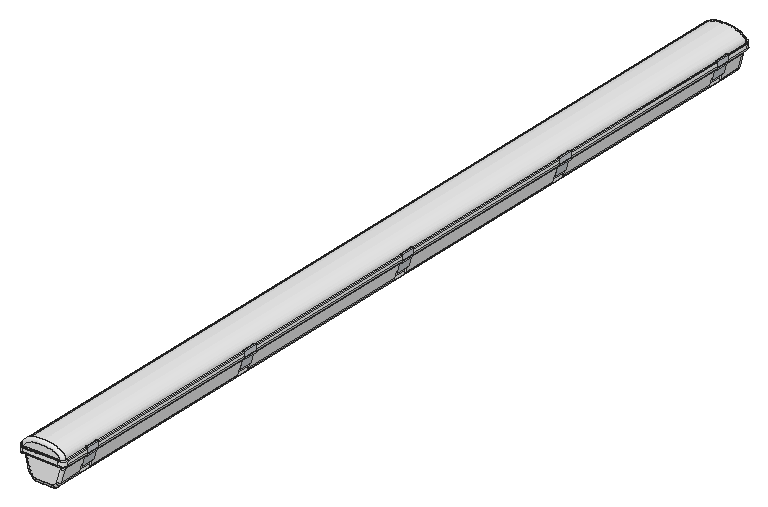
Revit family "0048798 Feilo Sylvania Lighting Fixture HYDROPROOF LED G3 1500MM S 4K D MW", category Lighting Fixtures, host Face, Revit 2016
Family settings
  Host = Face
  Part Type = Normal
  Round Connector Dimension = Use Diameter
  OmniClass Number = 23.80.70.11.14
  OmniClass Title = General Luminaries, Directional
  Cut with Voids When Loaded = No
  Light Source = Yes
  Shared = No
  Room Calculation Point = No
Parameters (values of type "0048798 HYDROPROOF LED G3 1500MM S 4K D MW")
  Width = 84 mm
  Weight = "2.34 kg"
  Wattage Comments = "n/a"
  Wattage = 32 W
  WarrantyStartDate [instance] = "n/a"
  WarrantyGuarantorParts = "n/a"
  WarrantyDurationUnit = "n/a"
  WarrantyDurationParts = "n/a"
  WarrantyDescription = "n/a"
  built-in parameter 1150110 = 1 (stored number, unit not read)
  Voltage = 230 V
  URL = "http://www.sylvania-lighting.com"
  TypeName = "HYDROPROOF LED G3 1500MM S 4K D MW"
  Type Image = <None>
  Type Comments = "n/a"
  built-in parameter 1114217 = 1 (stored number, unit not read)
  Tilt Angle = -90.00°
  built-in parameter 1150109 = 1 (stored number, unit not read)
  built-in parameter 1150134 = 12
  built-in parameter 1150113 = 1 (stored number, unit not read)
  SerialNumber [instance] = "n/a"
  ReflectorMaterial = none
  PowerFactor = 0
  PowerConsumption = "32 W"
  Photometric Web File = "0048798.ies"
  NominalWidth = 0 mm
  NominalLength = 1578 mm
  NominalHeight = 75 mm
  Name = "HYDROPROOF LED G3 1500MM S 4K D MW"
  ModelReference = "HYDROPROOF LED G3 1500MM S 4K D MW"
  ModelNumber = "0048798"
  Model = "HYDROPROOF LED G3 1500MM S 4K D MW"
  Material = "grp housing, pmma diffuser"
  ManufacturerName = "Feilo Sylvania"
  Manufacturer = "Feilo Sylvania"
  LuminousEfficacy = "155 lm/W"
  built-in parameter 1150105 = 394.7 (stored number, unit not read)
  Lumens = 4960 lm
  LuminaireType = ""
  built-in parameter 1150115 = 1 (stored number, unit not read)
  LightOutputRatio = "n/a"
  built-in parameter 1150137 = (empty or 0)
  built-in parameter 1150139 = (empty or 0)
  Length = 1572 mm
  LampsType = Lamp  # "LED"
  LampNominalLuminous = "4950 lm"
  LampMacAdamStep = "3"
  LampColourTemperature = "4000 K"
  LampColourRenderingIndex = "80"
  built-in parameter 1150112 = 1 (stored number, unit not read)
  built-in parameter 1150114 = 1 (stored number, unit not read)
  Lamp = "LED"
  Keynote = "16500"
  InstallationDate [instance] = "n/a"
  InputVoltage = "220-240V~"
  InputNominalFrequency = "DC/50/60 Hz"
  built-in parameter 1150132 = (empty or 0)
  built-in parameter 1150102 = (empty or 0)
  built-in parameter 1150107 = 4000 (stored number, unit not read)
  built-in parameter 1150138 = (empty or 0)
  IngressProtection = "IP65"
  ImpactProtectionIndex = "IK02"
  built-in parameter 1150106 = 3.947 (stored number, unit not read)
  IfcExportType = "IfcLightFixtureType"
  IfcExportAs = "IfcLightFixtureType"
  ExpectedLife = 50000
  Emit from Rectangle Width = Width - 20 mm  # 64 mm
  Emit from Rectangle Length = Length - 20 mm  # 1552 mm
  Emit Shape Visible in Rendering = no
  ElectricShockClassification = "Class I"
  built-in parameter 1150104 = 14.4 (stored number, unit not read)
  DurationUnit = "hours"
  DocumentationLiterature = "http://www.sylvania-lighting.com/product/en-int/products/0048798"
  DimmingControlOptions = "Dimmable"
  Dimming Lamp Color Temperature Shift = <None>
  DiffuserMaterial = Diffuser-Sylvania-Transparent
  Description = "Hydroproof, integrated LED chemical resistant weatherproof luminaire, with UV stabilized flat diffuser and linear prisms designed to achieve uniform lit appearance, optimise light output and to reduce glare, stainless steel diffuser clips and fixing brackets for surface and wall mounting. L 1578 mm x W 84 mm x H 75 mm size, GRP housing, PMMA diffuser, DALI dimmable, with MW sensor, 4000K, CRI80,  4950 lm, 32 W, 155 lm/W, nominal average life (h):50000, energy class: A++ A+ A Class I,IK02, IP65."
  Default Elevation = 1219.2 mm
  CreatedOn = "3/27/2018"
  CreatedBy = "aron.fodor@feilosylvania.com"
  Cost = 0
  Color Filter = 16777215
  built-in parameter 1114216 [instance] = (empty or 0)
  ClassificationValue = "EF_70_80"
  ClassificationName = "Uniclass2015"
  BodyMaterial = Body-Sylvania-Gray
  BarCode [instance] = "n/a"
  built-in parameter 1114218 = 1 (stored number, unit not read)
  built-in parameter 1150133 = 10 (stored number, unit not read)
  AssetType = "Fixed"
  AssetIdentifier [instance] = "n/a"
  Assembly Code = "D5020200"
  Apparent Load = 32 VA
  AccessoryMaterial = Diffuser-Sylvania-Glow
Reference planes
  plane 1 "Center (Front/Back)": y = 0
  plane 2: z = 0
  plane 3 "Center (Left/Right)": x = 0
  plane 4: z = 54
  plane 5: x = -14.7
  plane 6: x = -21.8
  plane 7: x = -26.6
  plane 8: x = -29.2
  plane 9: z = 3
  plane 10: z = 7.8
  plane 11: z = 12.3
  plane 12: z = 36.6
  plane 13: z = 42.8
  plane 14: x = -38.1
  plane 15: z = 46.2
  plane 16: x = -42
  plane 17: y = 786
  plane 18: y = -786
  plane 19: x = 14.7
  plane 20: x = 21.8
  plane 21: x = 26.6
  plane 22: x = 29.2
  plane 23: x = 38.1
  plane 24: x = 42
  plane 25: y = 778.4
  plane 26: y = -778.4
  plane 27: y = -774.7
  plane 28: y = 774.7
  plane 29: z = 74
  plane 30: x = -38.5
  plane 31: x = 38.5
  plane 32: z = 55.2
  plane 33: y = -782.5
  plane 34: y = 782.5
  plane 35: x = -24.5
  plane 36: x = 24.5
  plane 37: x = -35.7
  plane 38: x = 35.7
  plane 39: z = 50.2
  plane 40: z = 24.6
  plane 41: y = -720
  plane 42: y = -734
  plane 43: y = -706
  plane 44: y = 720
  plane 45: y = -720
  plane 46: y = -734
  plane 47: y = -706
  plane 48: y = 720
  plane 49: y = 706
  plane 50: y = 734
  plane 51: y = -360
  plane 52: y = -374
  plane 53: y = -346
  plane 54: y = 0
  plane 55: y = -14
  plane 56: y = 14
  plane 57: y = 360
  plane 58: y = 346
  plane 59: y = 374
Forms (mm)
  Sweep 1, solid, material "Body-Sylvania-Gray" <- "BodyMaterial", detail levels medium+fine
    path origin (1223.4, -4572, 54) x (0, -1, 0) y (1, 0, 0)
      loop
        arc (-3796, -1265.4) -> (-3788.929, -1262.471) -> (-3786, -1255.4) r 10
        line (-3786, -1255.4) -> (-3786, -1191.4)
        arc (-3786, -1191.4) -> (-3788.929, -1184.329) -> (-3796, -1181.4) r 10
        line (-3796, -1181.4) -> (-5348, -1181.4)
        arc (-5348, -1181.4) -> (-5355.071, -1184.329) -> (-5358, -1191.4) r 10
        line (-5358, -1191.4) -> (-5358, -1255.4)
        arc (-5358, -1255.4) -> (-5355.071, -1262.471) -> (-5348, -1265.4) r 10
        line (-5348, -1265.4) -> (-3796, -1265.4)
    profile origin (-42, 0, 54) x (-1, 0, 0) y (0, 0, 1)
      loop
        line (0, 0) -> (-1, 0) -> (-1, -7.726)
        arc (-1, -7.726) -> (-1.994, -9.498) -> (-3.9, -10.2) r 2.937
        line (-3.9, -10.2) -> (-8.571, -10.2) -> (-8.571, -11.2) -> (-3.9, -11.2)
        arc (-3.9, -11.2) -> (-1.313, -10.231) -> (0, -7.8) r 3.937
        line (0, -7.8) -> (0, 0)
  Sweep 2, solid, material "Body-Sylvania-Gray" <- "BodyMaterial", detail levels medium+fine
    path origin (0, 0, 0) x (1, 0, 0) y (0, 0, 1)
      loop
        line (35.7, 42.8) -> (35.7, 36.6) -> (29.203, 12.31)
        arc (29.203, 12.31) -> (28.199, 9.884) -> (26.6, 7.8) r 10.052
        line (26.6, 7.8) -> (21.8, 3)
        arc (21.8, 3) -> (18.554, 0.781) -> (14.7, 0) r 9.902
        line (14.7, 0) -> (0, 0) -> (-14.7, 0)
        arc (-14.7, 0) -> (-18.554, 0.781) -> (-21.8, 3) r 9.902
        line (-21.8, 3) -> (-26.6, 7.8)
        arc (-26.6, 7.8) -> (-28.199, 9.884) -> (-29.203, 12.31) r 10.052
        line (-29.203, 12.31) -> (-35.7, 36.6) -> (-35.7, 42.8)
    profile origin (0, 0, 0) x (0, 0, -1) y (0, -1, 0)
      loop
        arc (0, 773.4) -> (-1.464, 776.936) -> (-5, 778.4) r 5
        line (-5, 778.4) -> (-7.8, 778.4) -> (-7.8, -778.4) -> (-5, -778.4)
        arc (-5, -778.4) -> (-1.464, -776.936) -> (0, -773.4) r 5
        line (0, -773.4) -> (0, 773.4)
  Extrusion 3, solid, material "Body-Sylvania-Gray" <- "BodyMaterial", detail levels medium+fine
    sketch origin (1524, 778.4, 1219.2) x (1, 0, 0) y (0, 0, 1)
      loop
        arc (-1545.668, -1204.874) -> (-1545.443, -1205.418) -> (-1545.085, -1205.885) r 2.252
        line (-1545.085, -1205.885) -> (-1540.231, -1210.738)
        arc (-1540.231, -1210.738) -> (-1539.534, -1211.227) -> (-1538.7, -1211.4) r 2.102
        line (-1538.7, -1211.4) -> (-1509.3, -1211.4)
        arc (-1509.3, -1211.4) -> (-1508.466, -1211.227) -> (-1507.769, -1210.738) r 2.102
        line (-1507.769, -1210.738) -> (-1502.915, -1205.885)
        arc (-1502.915, -1205.885) -> (-1502.557, -1205.418) -> (-1502.332, -1204.874) r 2.252
        line (-1502.332, -1204.874) -> (-1496.1, -1181.575) -> (-1496.1, -1176.4) -> (-1551.9, -1176.4) -> (-1551.9, -1181.575) -> (-1545.668, -1204.874)
    from 0 to 1556.8
  Sweep 4, solid, material "Diffuser-Sylvania-Transparent" <- "DiffuserMaterial", detail levels medium+fine
    path origin (0, 0, 0) x (1, 0, 0) y (0, 0, 1)
      loop
        spline (-38.5, 55.2) -> (-37.188, 60.066) -> (-33.342, 64.6) -> (-27.224, 68.494) -> (-19.25, 71.481) -> (-9.965, 73.359) -> (0, 74) -> (9.965, 73.359) -> (19.25, 71.481) -> (27.224, 68.494) -> (33.342, 64.6) -> (37.188, 60.066) -> (38.5, 55.2)
    profile origin (38.5, 0, 55.2) x (0, -1, 0) y (1, 0, 0)
      loop
        arc (782.5, -5.5) -> (780.889, -1.611) -> (777, 0) r 5.5
        line (777, 0) -> (-777, 0)
        arc (-777, 0) -> (-780.889, -1.611) -> (-782.5, -5.5) r 5.5
        line (-782.5, -5.5) -> (-782.5, -6.3) -> (-781.5, -6.3) -> (-781.5, -5.5)
        arc (-781.5, -5.5) -> (-780.182, -2.318) -> (-777, -1) r 4.5
        line (-777, -1) -> (777, -1)
        arc (777, -1) -> (780.182, -2.318) -> (781.5, -5.5) r 4.5
        line (781.5, -5.5) -> (781.5, -6.347) -> (782.5, -6.347) -> (782.5, -5.5)
  Extrusion 5, solid, material "Diffuser-Sylvania-Transparent" <- "DiffuserMaterial", detail levels medium+fine
    sketch origin (1524, -782.5, 1219.2) x (1, 0, 0) y (0, 0, 1)
      loop
        line (-1556.653, -1164) -> (-1491.347, -1164)
        spline (-1491.347, -1164) -> (-1491.939, -1161.945) -> (-1494.434, -1159.066) -> (-1499.342, -1155.96) -> (-1506.338, -1153.35) -> (-1514.799, -1151.648) -> (-1524, -1151.047) -> (-1533.201, -1151.648) -> (-1541.662, -1153.35) -> (-1548.658, -1155.96) -> (-1553.566, -1159.066) -> (-1556.061, -1161.945) -> (-1556.653, -1164)
    from 0 to -1
  Extrusion 6, solid, material "Diffuser-Sylvania-Transparent" <- "DiffuserMaterial", detail levels medium+fine
    sketch origin (1524, 782.5, 1219.2) x (1, 0, 0) y (0, 0, 1)
      loop
        spline (-1491.3, -1164) -> (-1491.898, -1161.922) -> (-1494.404, -1159.03) -> (-1499.322, -1155.918) -> (-1506.325, -1153.305) -> (-1514.793, -1151.602) -> (-1524, -1151) -> (-1533.207, -1151.602) -> (-1541.675, -1153.305) -> (-1548.678, -1155.918) -> (-1553.596, -1159.03) -> (-1556.102, -1161.922) -> (-1556.7, -1164)
        line (-1556.7, -1164) -> (-1491.3, -1164)
    from 0 to 1
  Extrusion 7, solid, material "Diffuser-Sylvania-Glow" <- "AccessoryMaterial", detail levels fine
    sketch origin (0, 0, 0) x (1, 0, 0) y (0, 0, 1)
      loop
        circle (0, 50.2) r 8
    from -774.7 to 774.7
  Extrusion 8, void
    sketch origin (0, -720, 2343.807) x (0, 0, -1) y (-1, 0, 0)
      loop
        line (2340.807, -24.5) -> (2331.507, -24.5) -> (2319.207, -29.2) -> (2319.207, -35.7) -> (2340.807, -35.7) -> (2340.807, -24.5)
      loop
        line (2340.807, 24.5) -> (2340.807, 35.7) -> (2319.207, 35.7) -> (2319.207, 29.2) -> (2331.507, 24.5) -> (2340.807, 24.5)
    from 14 to -14
  Extrusion 9, void, not visible
    sketch origin (0, -720, 2343.807) x (0, 0, -1) y (-1, 0, 0)
      loop
        line (2340.807, -24.5) -> (2331.507, -24.5) -> (2319.207, -29.2) -> (2319.207, -35.7) -> (2340.807, -35.7) -> (2340.807, -24.5)
      loop
        line (2340.807, 24.5) -> (2340.807, 35.7) -> (2319.207, 35.7) -> (2319.207, 29.2) -> (2331.507, 24.5) -> (2340.807, 24.5)
    from 14 to -14
  Extrusion 10, void
    sketch origin (0, 720, 2343.807) x (0, 0, -1) y (-1, 0, 0)
      loop
        line (2340.807, -24.5) -> (2331.507, -24.5) -> (2319.207, -29.2) -> (2319.207, -35.7) -> (2340.807, -35.7) -> (2340.807, -24.5)
      loop
        line (2340.807, 24.5) -> (2340.807, 35.7) -> (2319.207, 35.7) -> (2319.207, 29.2) -> (2331.507, 24.5) -> (2340.807, 24.5)
    from 14 to -14
  Extrusion 11, void
    sketch origin (0, -360, 2343.807) x (0, 0, -1) y (-1, 0, 0)
      loop
        line (2340.807, -24.5) -> (2331.507, -24.5) -> (2319.207, -29.2) -> (2319.207, -35.7) -> (2340.807, -35.7) -> (2340.807, -24.5)
      loop
        line (2340.807, 24.5) -> (2340.807, 35.7) -> (2319.207, 35.7) -> (2319.207, 29.2) -> (2331.507, 24.5) -> (2340.807, 24.5)
    from 14 to -14
  Extrusion 12, void
    sketch origin (0, 0, 2343.807) x (0, 0, -1) y (-1, 0, 0)
      loop
        line (2340.807, -24.5) -> (2331.507, -24.5) -> (2319.207, -29.2) -> (2319.207, -35.7) -> (2340.807, -35.7) -> (2340.807, -24.5)
      loop
        line (2340.807, 24.5) -> (2340.807, 35.7) -> (2319.207, 35.7) -> (2319.207, 29.2) -> (2331.507, 24.5) -> (2340.807, 24.5)
    from 14 to -14
  Extrusion 13, void
    sketch origin (0, 360, 2343.807) x (0, 0, -1) y (-1, 0, 0)
      loop
        line (2340.807, -24.5) -> (2331.507, -24.5) -> (2319.207, -29.2) -> (2319.207, -35.7) -> (2340.807, -35.7) -> (2340.807, -24.5)
      loop
        line (2340.807, 24.5) -> (2340.807, 35.7) -> (2319.207, 35.7) -> (2319.207, 29.2) -> (2331.507, 24.5) -> (2340.807, 24.5)
    from 14 to -14
  Extrusion 14, solid, material "Diffuser-Sylvania-Transparent" <- "DiffuserMaterial", detail levels medium+fine
    sketch origin (1223.4, -4572, 54) x (0, -1, 0) y (-1, 0, 0)
      loop
        arc (-5348, 1265.4) -> (-5355.071, 1262.471) -> (-5358, 1255.4) r 10
        line (-5358, 1255.4) -> (-5358, 1191.4)
        arc (-5358, 1191.4) -> (-5355.071, 1184.329) -> (-5348, 1181.4) r 10
        line (-5348, 1181.4) -> (-3796, 1181.4)
        arc (-3796, 1181.4) -> (-3788.929, 1184.329) -> (-3786, 1191.4) r 10
        line (-3786, 1191.4) -> (-3786, 1255.4)
        arc (-3786, 1255.4) -> (-3788.929, 1262.471) -> (-3796, 1265.4) r 10
        line (-3796, 1265.4) -> (-5348, 1265.4)
      loop
        arc (-5354.5, 1190.394) -> (-5352.887, 1186.509) -> (-5349, 1184.9) r 5.5
        line (-5349, 1184.9) -> (-3795, 1184.9)
        arc (-3795, 1184.9) -> (-3791.113, 1186.509) -> (-3789.5, 1190.394) r 5.5
        line (-3789.5, 1190.394) -> (-3789.5, 1256.406)
        arc (-3789.5, 1256.406) -> (-3791.113, 1260.291) -> (-3795, 1261.9) r 5.5
        line (-3795, 1261.9) -> (-5349, 1261.9)
        arc (-5349, 1261.9) -> (-5352.887, 1260.291) -> (-5354.5, 1256.406) r 5.5
        line (-5354.5, 1256.406) -> (-5354.5, 1190.394)
    from 0 to -1.2
  Extrusion 15, solid, material "Body-Sylvania-Gray" <- "BodyMaterial", detail levels coarse
    sketch origin (0, 0, 0) x (1, 0, 0) y (0, 0, 1)
      loop
        line (-42, 55.2) -> (-42, 42.8) -> (-26.6, 0) -> (26.6, 0) -> (42, 42.8) -> (42, 55.2) -> (-42, 55.2)
    from -786 to 786
  Extrusion 16, solid, material "Diffuser-Sylvania-Transparent" <- "DiffuserMaterial", detail levels coarse
    sketch origin (0, 0, 0) x (1, 0, 0) y (0, 0, 1)
      loop
        line (-38.5, 55.2) -> (38.5, 55.2)
        arc (38.5, 55.2) -> (0, 74) -> (-38.5, 55.2) r 48.822
    from -778.4 to 778.4
Cuts and joins
  Extrusion 8, Extrusion 10, Extrusion 11, Extrusion 12, Extrusion 13 cuts Sweep 2
  Extrusion 8, Extrusion 10, Extrusion 11, Extrusion 12, Extrusion 13 cuts Extrusion 3
  joined: Sweep 2, Extrusion 3
  joined: Sweep 4, Extrusion 5, Extrusion 6, Extrusion 14
Dimensions and locks
  locked: plane 4 to plane 2 at 54
  plane 5 to plane 6 to plane 7 to plane 8 to plane 14 to plane 16 = 7.1 mm locked, 4.8 mm locked, 2.6 mm locked, 8.9 mm locked, 3.9 mm locked
  plane 4 to plane 15 to plane 13 to plane 12 to plane 11 to plane 10 to plane 9 = 7.8 mm locked, 3.4 mm, 6.2 mm locked, 24.3 mm locked, 4.5 mm locked, 4.8 mm locked
  equal spacing: plane 18, plane 1 "Center (Front/Back)", plane 17
  "Length": plane 18 to plane 17
  plane 19 to plane 20 to plane 21 to plane 22 to plane 23 to plane 24 = 7.1 mm locked, 4.8 mm locked, 2.6 mm locked, 8.9 mm, 3.9 mm
  equal spacing: plane 24, plane 3 "Center (Left/Right)", plane 16
  "Width": plane 24 to plane 16
  equal spacing: plane 27, plane 1 "Center (Front/Back)", plane 28
  locked: plane 26 to plane 27 at 3.7
  locked: Sweep 1 sketch curve to profile plane at 1
  locked: Sweep 1 sketch curve to plane 13 at 1
  locked: Sweep 1 sketch curve to plane 13 at 3.937  (x2)
  locked: Sweep 1 sketch curve to profile plane at 3.9  (x2)
  plane 29 to plane 4 = 20 mm
  equal spacing: plane 31, plane 3 "Center (Left/Right)", plane 30
  locked: plane 30 to plane 16 at 3.5
  locked: plane 32 to plane 4 at 1.2
  equal spacing: plane 33, plane 1 "Center (Front/Back)", plane 34
  equal spacing: plane 36, plane 3 "Center (Left/Right)", plane 35
  locked: plane 34 to plane 17 at 3.5
  equal spacing: plane 38, plane 3 "Center (Left/Right)", plane 37
  locked: plane 37 to plane 16 at 6.3
  equal spacing: plane 25, plane 1 "Center (Front/Back)", plane 26
  locked: plane 17 to plane 25 at 7.6
  locked: Sweep 2 sketch curve to plane 2 at 5  (x2)
  locked: Sweep 2 sketch curve to plane 26 at 5
  locked: plane 25 to Sweep 2 sketch curve at 5
  locked: Sweep 4 sketch curve to plane 31 at 5.5  (x2)
  locked: Sweep 4 sketch curve to plane 34 at 5.5
  plane 33 to Sweep 4 sketch curve = 5.5 mm
  locked: plane 34 to Sweep 4 sketch curve at 1
  locked: Sweep 4 sketch curve to plane 31 at 1
  locked: Sweep 4 sketch curve to Sweep 4 sketch curve at 1
  locked: Sweep 4 sketch curve to plane 31 at 6.347
  locked: Sweep 4 sketch curve to plane 31 at 6.3
  locked: plane 40 to plane 2 at 24.6
  locked: plane 6 to plane 35 at 2.7
  locked: plane 1 "Center (Front/Back)" to plane 41 at 720
  plane 43 to plane 41 to plane 42 = 14 mm locked, 14 mm locked
  locked: plane 44 to plane 1 "Center (Front/Back)" at 720
  plane 47 to plane 45 to plane 46 = 14 mm locked, 14 mm locked
  plane 50 to plane 48 to plane 49 = 14 mm locked, 14 mm locked  (x2)
  equal spacing: group 1, group 6, group 7, group 8, group 5  (x3)
  plane 53 to plane 51 to plane 52 = 14 mm locked, 14 mm locked  (x2)
  plane 56 to plane 54 to plane 55 = 14 mm locked, 14 mm locked  (x2)
  plane 59 to plane 57 to plane 58 = 14 mm locked, 14 mm locked  (x2)
  plane 48 to plane 57 to plane 1 "Center (Front/Back)" to plane 51 to plane 41 = 360 mm locked, 360 mm locked, 360 mm locked, 360 mm locked
  aligned and locked: plane 2 to host face
  aligned and locked: level to host face
  aligned and locked: plane 16 to Sweep 1 sketch curve
  aligned and locked: Sweep 1 sketch curve to plane 24
  aligned and locked: plane 18 to Sweep 1 sketch curve
  aligned and locked: Sweep 1 sketch curve to plane 13
  aligned and locked: profile plane to Sweep 1 sketch curve
  aligned and locked: plane 3 "Center (Left/Right)" to Sweep 2 sketch curve
  aligned and locked: plane 9 to Sweep 2 sketch curve
  aligned and locked: plane 10 to Sweep 2 sketch curve
  aligned and locked: plane 37 to Sweep 2 sketch curve
  aligned and locked: plane 12 to Sweep 2 sketch curve
  aligned and locked: Sweep 2 sketch curve to level
  aligned and locked: plane 21 to Sweep 2 sketch curve
  aligned and locked: plane 38 to Sweep 2 sketch curve
  aligned and locked: profile plane to Sweep 2 sketch curve
  aligned and locked: plane 25 to Sweep 2 sketch curve
  aligned and locked: Sweep 2 sketch curve to plane 10
  aligned and locked: Extrusion 3 sketch curve to Sweep 2  (x7)
  aligned and locked: Sweep 2 to Extrusion 3 sketch curve
  aligned and locked: Extrusion 3 to plane 25
  aligned and locked: plane 26 to Extrusion 3
  aligned and locked: plane 32 to Sweep 4 sketch curve
  aligned and locked: plane 33 to Sweep 4 sketch curve
  aligned and locked: Sweep 4 to Extrusion 5
  aligned and locked: plane 33 to Extrusion 5
  aligned and locked: plane 39 to Extrusion 7 sketch curve
  aligned and locked: plane 27 to Extrusion 7
  aligned and locked: Extrusion 7 to plane 28
  aligned and locked: Extrusion 6 sketch curve to Sweep 4
  aligned and locked: Extrusion 5 sketch curve to Sweep 4
  aligned and locked: Extrusion 8 to plane 43
  aligned and locked: plane 42 to Extrusion 8
  aligned and locked: Extrusion 10 to plane 50
  aligned and locked: plane 49 to Extrusion 10
  aligned and locked: Extrusion 11 to plane 53
  aligned and locked: plane 52 to Extrusion 11
  aligned and locked: Extrusion 12 to plane 56
  aligned and locked: plane 55 to Extrusion 12
  aligned and locked: Extrusion 13 to plane 59
  aligned and locked: plane 58 to Extrusion 13
  aligned and locked: plane 3 "Center (Left/Right)" to Extrusion 7 sketch curve
  aligned and locked: Extrusion 14 sketch curve to Sweep 1  (x4)
  aligned and locked: Extrusion 14 to plane 32
  aligned and locked: plane 4 to Extrusion 14
  aligned and locked: plane 48 to nested 1
  aligned and locked: plane 57 to nested 2
  aligned and locked: plane 54 to nested 3
  aligned and locked: nested 4 to plane 51
  aligned and locked: nested 5 to plane 41
  aligned and locked: plane 41 to nested 10
  aligned and locked: plane 51 to nested 9
  aligned and locked: plane 54 to nested 8
  aligned and locked: plane 57 to nested 7
  aligned and locked: plane 48 to nested 6
  aligned and locked: plane 1 "Center (Front/Back)" to imposter light
  aligned and locked: plane 3 "Center (Left/Right)" to imposter light
  aligned and locked: imposter light to plane 29
  aligned and locked: plane 7 to Extrusion 15 sketch curve
  aligned and locked: plane 2 to Extrusion 15 sketch curve
  aligned and locked: Extrusion 15 sketch curve to nested 6
  aligned and locked: Extrusion 15 sketch curve to nested 1
  aligned and locked: plane 18 to Extrusion 15
  aligned and locked: Extrusion 15 to plane 17
  aligned and locked: Extrusion 15 to Sweep 1  (x2)
  aligned and locked: plane 30 to Extrusion 16 sketch curve
  aligned and locked: plane 31 to Extrusion 16 sketch curve
  aligned and locked: Extrusion 16 sketch curve to cut or joined group of Sweep 4, Extrusion 5, Extrusion 6, Extrusion 14
  aligned and locked: Extrusion 16 to plane 25
  aligned and locked: plane 26 to Extrusion 16
Automatic sketch dimensions
  host sketch curve to host sketch curve = 2438.4 mm  (x2)
  plane 17 to Sweep 1 sketch curve = 0 mm
  Sweep 1 sketch curve to plane 28 = 1.3 mm
  Sweep 1 sketch curve to plane 7 = 5.4 mm
  plane 27 to Sweep 1 sketch curve = 1.3 mm  (x2)
  Sweep 1 sketch curve to Sweep 1 sketch curve = 4.671 mm
  Sweep 1 sketch curve to plane 4 = 0 mm
  Sweep 2 sketch curve to plane 7 = 0 mm
  Sweep 2 sketch curve to plane 6 = 0 mm
  Sweep 2 sketch curve to plane 5 = 0 mm
  plane 19 to Sweep 2 sketch curve = 0 mm
  Sweep 2 sketch curve to plane 9 = 0 mm
  plane 20 to Sweep 2 sketch curve = 0 mm
  Sweep 2 sketch curve to plane 12 = 0 mm
  Sweep 2 sketch curve to plane 10 = 0 mm
  Sweep 2 sketch curve to plane 13 = 0 mm  (x2)
  Sweep 2 sketch curve to plane 8 = 0.003 mm
  plane 6 to Sweep 2 sketch curve = 2.308 mm
  plane 20 to Sweep 2 sketch curve = 2.308 mm
  Sweep 2 sketch curve to plane 22 = 0.003 mm
  Sweep 2 sketch curve to plane 11 = 0.01 mm  (x2)
  Extrusion 3 sketch curve to plane 5 = 0 mm
  plane 19 to Extrusion 3 sketch curve = 0 mm
  plane 6 to Extrusion 3 sketch curve = 0.132 mm
  plane 6 to Extrusion 3 sketch curve = 0.715 mm
  Extrusion 3 sketch curve to Extrusion 3 sketch curve = 1.592 mm
  Extrusion 3 sketch curve to plane 10 = 0.662 mm  (x2)
  plane 20 to Extrusion 3 sketch curve = 2.308 mm
  plane 20 to Extrusion 3 sketch curve = 0.715 mm
  plane 20 to Extrusion 3 sketch curve = 0.132 mm
  Sweep 4 sketch curve to plane 30 = 0 mm
  Sweep 4 sketch curve to plane 3 "Center (Left/Right)" = 0 mm
  Sweep 4 sketch curve to Sweep 4 sketch curve = 0 mm  (x2)
  plane 37 to Extrusion 6 sketch curve = 3 mm
  Extrusion 6 sketch curve to plane 38 = 3 mm
  plane 37 to Extrusion 5 sketch curve = 3.047 mm
  Extrusion 5 sketch curve to plane 38 = 3.047 mm
  Extrusion 8 sketch curve to Extrusion 8 sketch curve = 0 mm
  Extrusion 8 sketch curve to Extrusion 8 sketch curve = 12.3 mm  (x2)
  Extrusion 8 sketch curve to Extrusion 8 sketch curve = 9.3 mm  (x2)
  Extrusion 8 sketch curve to Extrusion 8 sketch curve = 6.5 mm  (x2)
  Extrusion 8 sketch curve to Extrusion 8 sketch curve = 4.7 mm  (x2)
  Extrusion 8 sketch curve to Extrusion 8 sketch curve = 49 mm
  Extrusion 9 sketch curve to Extrusion 9 sketch curve = 0 mm
  Extrusion 9 sketch curve to Extrusion 9 sketch curve = 12.3 mm  (x2)
  Extrusion 9 sketch curve to Extrusion 9 sketch curve = 9.3 mm  (x2)
  Extrusion 9 sketch curve to Extrusion 9 sketch curve = 6.5 mm  (x2)
  Extrusion 9 sketch curve to Extrusion 9 sketch curve = 4.7 mm  (x2)
  Extrusion 9 sketch curve to Extrusion 9 sketch curve = 49 mm
  Extrusion 10 sketch curve to Extrusion 10 sketch curve = 0 mm
  Extrusion 10 sketch curve to Extrusion 10 sketch curve = 12.3 mm  (x2)
  Extrusion 10 sketch curve to Extrusion 10 sketch curve = 9.3 mm  (x2)
  Extrusion 10 sketch curve to Extrusion 10 sketch curve = 6.5 mm  (x2)
  Extrusion 10 sketch curve to Extrusion 10 sketch curve = 4.7 mm  (x2)
  Extrusion 10 sketch curve to Extrusion 10 sketch curve = 49 mm
  Extrusion 11 sketch curve to Extrusion 11 sketch curve = 0 mm
  Extrusion 11 sketch curve to Extrusion 11 sketch curve = 12.3 mm  (x2)
  Extrusion 11 sketch curve to Extrusion 11 sketch curve = 9.3 mm  (x2)
  Extrusion 11 sketch curve to Extrusion 11 sketch curve = 6.5 mm  (x2)
  Extrusion 11 sketch curve to Extrusion 11 sketch curve = 4.7 mm  (x2)
  Extrusion 11 sketch curve to Extrusion 11 sketch curve = 49 mm
  Extrusion 12 sketch curve to Extrusion 12 sketch curve = 0 mm
  Extrusion 12 sketch curve to Extrusion 12 sketch curve = 12.3 mm  (x2)
  Extrusion 12 sketch curve to Extrusion 12 sketch curve = 9.3 mm  (x2)
  Extrusion 12 sketch curve to Extrusion 12 sketch curve = 6.5 mm  (x2)
  Extrusion 12 sketch curve to Extrusion 12 sketch curve = 4.7 mm  (x2)
  Extrusion 12 sketch curve to Extrusion 12 sketch curve = 49 mm
  Extrusion 13 sketch curve to Extrusion 13 sketch curve = 0 mm
  Extrusion 13 sketch curve to Extrusion 13 sketch curve = 12.3 mm  (x2)
  Extrusion 13 sketch curve to Extrusion 13 sketch curve = 9.3 mm  (x2)
  Extrusion 13 sketch curve to Extrusion 13 sketch curve = 6.5 mm  (x2)
  Extrusion 13 sketch curve to Extrusion 13 sketch curve = 4.7 mm  (x2)
  Extrusion 13 sketch curve to Extrusion 13 sketch curve = 49 mm
  Extrusion 14 sketch curve to plane 34 = 0 mm
  plane 30 to Extrusion 14 sketch curve = 0 mm
  Extrusion 14 sketch curve to plane 31 = 0 mm
  plane 33 to Extrusion 14 sketch curve = 0 mm
  plane 25 to Extrusion 14 sketch curve = 1.4 mm  (x4)
  Extrusion 14 sketch curve to plane 26 = 1.4 mm  (x4)
  plane 37 to Extrusion 14 sketch curve = 2.694 mm  (x2)
  Extrusion 14 sketch curve to plane 38 = 2.694 mm  (x2)
  plane 21 to Extrusion 15 sketch curve = 0 mm
  Extrusion 15 sketch curve to plane 13 = 0 mm  (x2)
  Extrusion 15 sketch curve to plane 32 = 0 mm
  Extrusion 16 sketch curve to plane 40 = 0.578 mm
  radius of Extrusion 7 sketch curve = 8 mm
Nested families
  nested 1: "Clip" at (-29.2, 720, 24.6) x (-1, 0, 0) z (0, 0, 1), type "Clip", detail levels fine
  nested 2: "Clip" at (-29.2, 360, 24.6) x (-1, 0, 0) z (0, 0, 1), type "Clip", detail levels fine
  nested 3: "Clip" at (-29.2, 0, 24.6) x (-1, 0, 0) z (0, 0, 1), type "Clip", detail levels fine
  nested 4: "Clip" at (-29.2, -360, 24.6) x (-1, 0, 0) z (0, 0, 1), type "Clip", detail levels fine
  nested 5: "Clip" at (-29.2, -720, 24.6) x (-1, 0, 0) z (0, 0, 1), type "Clip", detail levels fine
  nested 6: "Clip" at (29.2, 720, 24.6), type "Clip", detail levels fine
  nested 7: "Clip" at (29.2, 360, 24.6), type "Clip", detail levels fine
  nested 8: "Clip" at (29.2, 0, 24.6), type "Clip", detail levels fine
  nested 9: "Clip" at (29.2, -360, 24.6), type "Clip", detail levels fine
  nested 10: "Clip" at (29.2, -720, 24.6), type "Clip", detail levels fine
Connectors
  electrical at (0, 0, 0), driven by "Apparent Load"
    settings: index 1, voltage 230 V, apparent load 32 VA, apparent load phase1 0 VA, apparent load phase2 0 VA, apparent load phase3 0 VA, power factor 0, load classification "Lighting", number of poles 1, system type 30, power factor state 1, is connector primary yes, connector utility no, sub classification motor no, connector description ""
Definition of nested family "Clip"
  Parameters (values of type "Clip")
    URL = "http://www.feilosylvania.com"
    Type Comments = "n/a"
    Model = "n/a"
    Manufacturer = "Feilo Sylvania"
    Keynote = "n/a"
    Description = "n/a"
    Default Elevation = 1219.2 mm
    Cost = 0
    BodyMaterial = none
    Assembly Code = "n/a"
  Reference planes
    plane 1 "Center (Front/Back)": y = 0
    plane 2: z = 0
    plane 3 "Center (Left/Right)": x = 0
    plane 4: x = 3.3
    plane 5: x = 6.5
    plane 6: x = 8.9
    plane 7: x = 12.8
    plane 8: z = 12
    plane 9: z = 18.2
    plane 10: z = 21.6
    plane 11: z = 30.6
    plane 12: x = 9.3
    plane 13: z = 19.2
    plane 14: z = 16.2
    plane 15: x = 10.1
    plane 16: y = 12
    plane 17: y = -12
  Forms (mm)
    Extrusion 1, solid
      sketch origin (-0.8, 0, 0) x (1, 0, 0) y (0, 1, 0)
        loop
          line (-1219.2, 1219.2) -> (-1219.2, -1219.2) -> (1219.2, -1219.2) -> (1219.2, 1219.2) -> (-1219.2, 1219.2)
      from 0 to -304.8
    Extrusion 2, solid
      sketch origin (0, 0, 0) x (1, 0, 0) y (0, 0, 1)
        loop
          line (8.9, 16.2) -> (4.58, 0) -> (0, 0) -> (0, -0.8) -> (5.195, -0.8) -> (9.603, 15.731) -> (13.6, 18.806) -> (13.6, 30.6)
          arc (13.6, 30.6) -> (11.45, 32.75) -> (9.3, 30.6) r 2.15
          line (9.3, 30.6) -> (10.1, 30.6)
          arc (10.1, 30.6) -> (11.45, 31.95) -> (12.8, 30.6) r 1.35
          line (12.8, 30.6) -> (12.8, 19.2) -> (8.9, 16.2)
      from -12 to 12
  Lines and regions (mm)
    reference lines
      curve 1: line (3.3, 0, 0) -> (6.5, 0, 12)
      curve 2: arc (8.9, 0, 18.2) -> (11.488, 0, 19.169) -> (12.8, 0, 21.6) r 3.934
  Dimensions and locks
    plane 7 to plane 6 to plane 5 to plane 4 to plane 3 "Center (Left/Right)" = 3.9 mm locked, 2.4 mm locked, 3.2 mm locked, 3.3 mm locked
    plane 11 to plane 10 to plane 9 to plane 8 to plane 2 = 9 mm locked, 3.4 mm locked, 6.2 mm locked, 12 mm locked
    locked: plane 7 to plane 12 at 3.5
    locked: plane 13 to plane 9 at 1
    locked: plane 9 to plane 14 at 2
    locked: plane 15 to plane 12 at 0.8
    locked: plane 2 to Extrusion 2 sketch curve at 0.8
    locked: Extrusion 2 sketch curve to Extrusion 2 sketch curve at 0.8  (x3)
    locked: plane 7 to Extrusion 2 sketch curve at 1.35
    equal spacing: plane 17, plane 1 "Center (Front/Back)", plane 16
    locked: plane 1 "Center (Front/Back)" to plane 16 at 12
    aligned and locked: plane 2 to Extrusion 1
    aligned and locked: level to Extrusion 1
    aligned and locked: plane 4 to curve 1
    aligned and locked: plane 5 to curve 1
    aligned and locked: plane 6 to curve 2
    aligned and locked: plane 10 to curve 2
    aligned and locked: plane 14 to Extrusion 2 sketch curve
    aligned and locked: plane 13 to Extrusion 2 sketch curve
    aligned and locked: plane 7 to Extrusion 2 sketch curve
    aligned and locked: plane 3 "Center (Left/Right)" to Extrusion 2 sketch curve
    aligned and locked: Extrusion 2 sketch curve to level
    aligned and locked: Extrusion 2 sketch curve to plane 11
    aligned and locked: plane 11 to Extrusion 2 sketch curve
    aligned and locked: Extrusion 2 to plane 16
    aligned and locked: plane 17 to Extrusion 2
  Automatic sketch dimensions
    Extrusion 1 sketch curve to Extrusion 1 sketch curve = 2438.4 mm  (x2)
    curve 2 to plane 7 = 0 mm
    curve 1 to level = 0 mm
    curve 1 to plane 8 = 0 mm
    curve 2 to plane 9 = 0 mm
    plane 6 to curve 2 = 0.002 mm
    Extrusion 2 sketch curve to Extrusion 2 sketch curve = 0 mm
    Extrusion 2 sketch curve to plane 6 = 0 mm
    plane 4 to Extrusion 2 sketch curve = 1.28 mm
